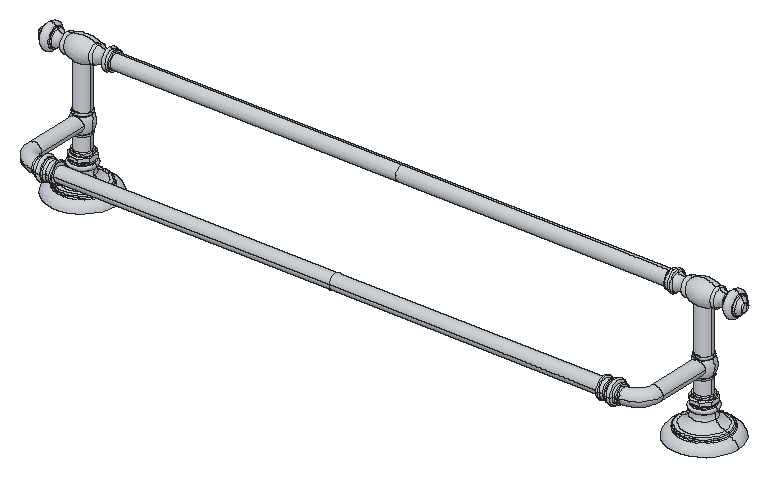
Revit family "Accessory-Towel_Bar-KOHLER-Artifacts-K-72570", category Specialty Equipment, host Face, Revit 2015 (continued)
Definition of nested family "K-72570"
  Lines and regions (in)
    symbolic lines, detail levels medium+fine
      curve 68: line (-11.81899, 0, 1.28025) -> (-11.81899, 0, 1.38739)
      curve 69: line (-11.57588, 0, 1.24658) -> (-12.42412, 0, 1.24658)
      curve 70: line (-12.39361, 0, 1.21607) -> (-11.60639, 0, 1.21607)
      curve 71: line (-12.44009, 0, 1.13463) -> (-11.55991, 0, 1.13463)
      curve 72: line (-12.47301, 0, 1.0213) -> (-11.52699, 0, 1.0213)
      curve 73: line (-12.93222, 0, 0.44609) -> (-11.06778, 0, 0.44609)
      curve 74: line (-12.99874, 0, 0.31772) -> (-11.00126, 0, 0.31772)
      curve 75: line (-11.25, 0, 2.77766) -> (-11.25, 0, 2.22297)
      curve 76: line (-11.10199, 0, 2.16052) -> (-11.10199, 0, 2.84011)
      curve 77: line (-10.9545, 0, 2.90246) -> (-10.9545, 0, 2.09817)
      curve 78: line (-10.87006, 0, 2.88981) -> (-10.87006, 0, 2.11082)
      curve 79: line (-10.60892, 0, 2.8502) -> (-10.60892, 0, 2.15043)
      curve 80: line (-10.51964, 0, 2.22464) -> (-10.51964, 0, 2.77599)
      curve 81: arc (0, -0.30054, 4.6232) -> (0, 0, 4.51802) -> (0, 0.30054, 4.6232) r 0.48198
      curve 82: circle (0, 0, 5) r 0.35128 normal (-1, 0, 0)
      curve 83: line (0, -3, 2.77766) -> (0, -2.65404, 2.77766)
      curve 84: line (0, -2.65404, 2.22297) -> (0, -3, 2.22297)
      curve 85: arc (0, -3, 2.22297) -> (0, -3.27734, 2.50031) -> (0, -3, 2.77766) r 0.27734
      curve 86: arc (0, -2.80368, 2.22297) -> (0, -3.3398, 2.50031) -> (0, -2.80368, 2.77766) r 0.3398
      curve 87: circle (0, 0, 5) r 0.25 normal (1, 0, 0)
      curve 88: arc (0, -0.34441, 2.78593) -> (0, -0.29749, 2.49898) -> (0, -0.34441, 2.21203) r 0.90094
      curve 89: spline (0, 0.43701, 1.28025) -> (0, 0.41596, 1.27392) -> (0, 0.39476, 1.26872) -> (0, 0.37343, 1.26468) -> (0, 0.35201, 1.26178) -> (0, 0.33053, 1.26004) -> (0, 0.30901, 1.25946) -> (0, 0.2875, 1.26004) -> (0, 0.26601, 1.26178) -> (0, 0.24459, 1.26468) -> (0, 0.22326, 1.26872) -> (0, 0.20206, 1.27392) -> (0, 0.18101, 1.28025)
      curve 90: line (0, 0.18101, 1.28025) -> (0, 0.18101, 1.38739)
      curve 91: spline (0, 0.18101, 1.38739) -> (0, 0.20214, 1.39274) -> (0, 0.22338, 1.39713) -> (0, 0.24471, 1.40055) -> (0, 0.26611, 1.40299) -> (0, 0.28755, 1.40446) -> (0, 0.30901, 1.40495) -> (0, 0.33047, 1.40446) -> (0, 0.35191, 1.40299) -> (0, 0.37331, 1.40055) -> (0, 0.39464, 1.39713) -> (0, 0.41588, 1.39274) -> (0, 0.43701, 1.38739)
      curve 92: arc (0, 0.18101, 1.28025) -> (0, 0.09108, 1.26488) -> (0, 0, 1.25946) r 0.83157
      curve 93: arc (0, 0, 1.25946) -> (0, -0.09108, 1.26488) -> (0, -0.18101, 1.28025) r 0.83157
      curve 94: line (0, -0.18101, 1.28025) -> (0, -0.18101, 1.38739)
      curve 95: arc (0, -0.18101, 1.38739) -> (0, -0.09092, 1.40038) -> (0, 0, 1.40495) r 0.97795
      curve 96: arc (0, 0, 1.40495) -> (0, 0.09092, 1.40038) -> (0, 0.18101, 1.38739) r 0.97795
      curve 97: spline (0, -0.18101, 1.28025) -> (0, -0.20206, 1.27392) -> (0, -0.22326, 1.26872) -> (0, -0.24459, 1.26468) -> (0, -0.26601, 1.26178) -> (0, -0.2875, 1.26004) -> (0, -0.30901, 1.25946) -> (0, -0.33053, 1.26004) -> (0, -0.35201, 1.26178) -> (0, -0.37343, 1.26468) -> (0, -0.39476, 1.26872) -> (0, -0.41596, 1.27392) -> (0, -0.43701, 1.28025)
      curve 98: spline (0, -0.43701, 1.38739) -> (0, -0.41588, 1.39274) -> (0, -0.39464, 1.39713) -> (0, -0.37331, 1.40055) -> (0, -0.35191, 1.40299) -> (0, -0.33047, 1.40446) -> (0, -0.30901, 1.40495) -> (0, -0.28755, 1.40446) -> (0, -0.26611, 1.40299) -> (0, -0.24471, 1.40055) -> (0, -0.22338, 1.39713) -> (0, -0.20214, 1.39274) -> (0, -0.18101, 1.38739)
      curve 99: line (0, 0.42412, 1.24658) -> (0, -0.42412, 1.24658)
      curve 100: line (0, 0.39361, 1.21607) -> (0, -0.39361, 1.21607)
      curve 101: line (0, 0.38841, 1.42865) -> (0, -0.38841, 1.42865)
      curve 102: line (0, 0.47301, 1.0213) -> (0, -0.47301, 1.0213)
      curve 103: line (0, 0.93222, 0.44609) -> (0, -0.93222, 0.44609)
      curve 104: line (0, 0.99874, 0.31772) -> (0, -0.99874, 0.31772)
      curve 105: line (0, 0.33942, 2.15867) -> (0, -0.33942, 2.15867)
      curve 106: line (0, 0.33781, 2.83029) -> (0, -0.33781, 2.83029)
      curve 107: line (0, 0.31907, 2.89107) -> (0, -0.31907, 2.89107)
      curve 108: line (0, 0.30061, 1.55443) -> (0, -0.30061, 1.55443)
      curve 109: line (0, 0.30061, 2.10854) -> (0, -0.30061, 2.10854)
      curve 110: line (-11.25, -2.72266, 2.50031) -> (-11.25, -3.27734, 2.50031)
      curve 111: line (-13.5739, 0.16219, 2.50031) -> (-13.5739, -0.16219, 2.50031)
      curve 112: line (-13.42691, 0.30836, 2.50031) -> (-13.42691, -0.30836, 2.50031)
      curve 113: line (-13.35055, 0.36367, 2.50031) -> (-13.35055, -0.36367, 2.50031)
      curve 114: arc (-13.22112, 0.48116, 2.50031) -> (-13.11147, 0.45442, 2.50031) -> (-13.05061, 0.35937, 2.50031) r 0.15175
      curve 115: arc (-13.05061, 0.35937, 2.50031) -> (-13.04279, 0.34489, 2.50031) -> (-13.02806, 0.33755, 2.50031) r 0.02726
      curve 116: line (-13.02806, 0.33755, 2.50031) -> (-12.9926, 0.33755, 2.50031)
      curve 117: arc (-12.9926, 0.33755, 2.50031) -> (-12.97759, 0.33341, 2.50031) -> (-12.96683, 0.32217, 2.50031) r 0.02929
      curve 118: arc (-12.96683, 0.32217, 2.50031) -> (-12.79343, 0.2186, 2.50031) -> (-12.61982, 0.32182, 2.50031) r 0.19728
      curve 119: arc (-12.61982, 0.32182, 2.50031) -> (-12.55616, 0.35817, 2.50031) -> (-12.49528, 0.31734, 2.50031) r 0.06957
      curve 120: arc (-12.49528, 0.31734, 2.50031) -> (-11.99992, 0.46189, 2.50031) -> (-11.50456, 0.31734, 2.50031) r 0.92106
      curve 121: arc (-11.39546, 0.33577, 2.50031) -> (-11.45494, 0.35572, 2.50031) -> (-11.50456, 0.31734, 2.50031) r 0.06653
      curve 122: arc (-11.39546, 0.33577, 2.50031) -> (-11.19865, 0.24757, 2.50031) -> (-10.99722, 0.32464, 2.50031) r 0.28134
      curve 123: arc (-10.93457, 0.39738, 2.50031) -> (-10.89726, 0.38659, 2.50031) -> (-10.88108, 0.35128, 2.50031) r 0.0466
      curve 124: arc (-10.99722, 0.32464, 2.50031) -> (-10.9794, 0.37265, 2.50031) -> (-10.93457, 0.39738, 2.50031) r 0.07351
      curve 125: line (-10.88108, 0.35128, 2.50031) -> (-10.77523, 0.35128, 2.50031)
      curve 126: line (-10.71678, 0.2757, 2.50031) -> (-10.76107, 0.2757, 2.50031)
      curve 127: line (-10.76107, -0.33712, 2.50031) -> (-10.76107, 0.33712, 2.50031)
      curve 128: arc (-10.77523, 0.35128, 2.50031) -> (-10.76522, 0.34714, 2.50031) -> (-10.76107, 0.33712, 2.50031) r 0.01417
      curve 129: arc (-13.22112, -0.48116, 2.50031) -> (-13.11147, -0.45442, 2.50031) -> (-13.05061, -0.35937, 2.50031) r 0.15175
      curve 130: arc (-13.05061, -0.35937, 2.50031) -> (-13.04279, -0.34489, 2.50031) -> (-13.02806, -0.33755, 2.50031) r 0.02726
      curve 131: line (-13.02806, -0.33755, 2.50031) -> (-12.9926, -0.33755, 2.50031)
      curve 132: arc (-12.9926, -0.33755, 2.50031) -> (-12.97759, -0.33341, 2.50031) -> (-12.96683, -0.32217, 2.50031) r 0.02929
      curve 133: arc (-12.96683, -0.32217, 2.50031) -> (-12.79343, -0.2186, 2.50031) -> (-12.61982, -0.32182, 2.50031) r 0.19728
      curve 134: arc (-12.61982, -0.32182, 2.50031) -> (-12.55616, -0.35817, 2.50031) -> (-12.49528, -0.31734, 2.50031) r 0.06957
      curve 135: arc (-12.49528, -0.31734, 2.50031) -> (-11.99992, -0.46189, 2.50031) -> (-11.50456, -0.31734, 2.50031) r 0.92106
      curve 136: arc (-11.39546, -0.33577, 2.50031) -> (-11.45494, -0.35572, 2.50031) -> (-11.50456, -0.31734, 2.50031) r 0.06653
      curve 137: arc (-11.39546, -0.33577, 2.50031) -> (-11.19865, -0.24757, 2.50031) -> (-10.99722, -0.32464, 2.50031) r 0.28134
      curve 138: arc (-10.93457, -0.39738, 2.50031) -> (-10.89726, -0.38659, 2.50031) -> (-10.88108, -0.35128, 2.50031) r 0.0466
      curve 139: arc (-10.99722, -0.32464, 2.50031) -> (-10.9794, -0.37265, 2.50031) -> (-10.93457, -0.39738, 2.50031) r 0.07351
      curve 140: line (-10.88108, -0.35128, 2.50031) -> (-10.77523, -0.35128, 2.50031)
      curve 141: line (-10.71678, -0.2757, 2.50031) -> (-10.76107, -0.2757, 2.50031)
      curve 142: arc (-10.77523, -0.35128, 2.50031) -> (-10.76522, -0.34714, 2.50031) -> (-10.76107, -0.33712, 2.50031) r 0.01417
      curve 143: line (-13.05061, 0.35937, 2.50031) -> (-13.05061, -0.35937, 2.50031)
      curve 144: line (-12.96683, -0.32217, 2.50031) -> (-12.96683, 0.32217, 2.50031)
      curve 145: line (-12.61982, 0.32182, 2.50031) -> (-12.61982, -0.32182, 2.50031)
      curve 146: line (-12.49528, 0.31734, 2.50031) -> (-12.49528, -0.31734, 2.50031)
      curve 147: line (-11.50456, 0.31734, 2.50031) -> (-11.50456, -0.31734, 2.50031)
      curve 148: line (-11.39546, 0.33577, 2.50031) -> (-11.39546, -0.33577, 2.50031)
      curve 149: line (-10.99722, 0.32464, 2.50031) -> (-10.99722, -0.32464, 2.50031)
      curve 150: line (-10.88108, 0.35128, 2.50031) -> (-10.88108, -0.35128, 2.50031)
      curve 151: arc (-12.29801, 0.41232, 2.50031) -> (-11.99992, 0.50896, 2.50031) -> (-11.70184, 0.41232, 2.50031) r 0.50802
      curve 152: line (-12.27734, -1.28286, 2.50031) -> (-12.27734, -0.41911, 2.50031)
      curve 153: line (-11.72266, -1.28286, 2.50031) -> (-11.72266, -0.41916, 2.50031)
      curve 154: line (-11.10199, -2.6602, 2.50031) -> (-11.10199, -3.3398, 2.50031)
      curve 155: line (-10.9545, -2.59785, 2.50031) -> (-10.9545, -3.40215, 2.50031)
      curve 156: line (-10.87006, -2.6105, 2.50031) -> (-10.87006, -3.3895, 2.50031)
      curve 157: line (-10.60892, -2.65012, 2.50031) -> (-10.60892, -3.34988, 2.50031)
      curve 158: line (-10.51964, -2.72432, 2.50031) -> (-10.51964, -3.27568, 2.50031)
      curve 159: line (11.25, -2.72266, 2.50031) -> (11.25, -3.27734, 2.50031)
      curve 160: line (11.10199, -2.6602, 2.50031) -> (11.10199, -3.3398, 2.50031)
      curve 161: line (10.9545, -2.59785, 2.50031) -> (10.9545, -3.40215, 2.50031)
      curve 162: line (10.87006, -2.6105, 2.50031) -> (10.87006, -3.3895, 2.50031)
      curve 163: line (10.60892, -2.65012, 2.50031) -> (10.60892, -3.34988, 2.50031)
      curve 164: line (10.51964, -2.72432, 2.50031) -> (10.51964, -3.27568, 2.50031)
      curve 165: line (13.5739, 0.16219, 2.50031) -> (13.5739, -0.16219, 2.50031)
      curve 166: line (13.42691, 0.30836, 2.50031) -> (13.42691, -0.30836, 2.50031)
      curve 167: line (13.35055, 0.36367, 2.50031) -> (13.35055, -0.36367, 2.50031)
      curve 168: arc (13.22112, 0.48116, 2.50031) -> (13.11147, 0.45442, 2.50031) -> (13.05061, 0.35937, 2.50031) r 0.15175
      curve 169: arc (13.05061, 0.35937, 2.50031) -> (13.04279, 0.34489, 2.50031) -> (13.02806, 0.33755, 2.50031) r 0.02726
      curve 170: line (13.02806, 0.33755, 2.50031) -> (12.9926, 0.33755, 2.50031)
      curve 171: arc (12.9926, 0.33755, 2.50031) -> (12.97759, 0.33341, 2.50031) -> (12.96683, 0.32217, 2.50031) r 0.02929
      curve 172: line (13.05061, 0.35937, 2.50031) -> (13.05061, -0.35937, 2.50031)
      curve 173: line (12.96683, -0.32217, 2.50031) -> (12.96683, 0.32217, 2.50031)
      curve 174: arc (12.96683, 0.32217, 2.50031) -> (12.79343, 0.2186, 2.50031) -> (12.61982, 0.32182, 2.50031) r 0.19728
      curve 175: arc (11.39546, 0.33577, 2.50031) -> (11.45494, 0.35572, 2.50031) -> (11.50456, 0.31734, 2.50031) r 0.06653
      curve 176: arc (11.39546, 0.33577, 2.50031) -> (11.19865, 0.24757, 2.50031) -> (10.99722, 0.32464, 2.50031) r 0.28134
      curve 177: arc (10.93457, 0.39738, 2.50031) -> (10.89726, 0.38659, 2.50031) -> (10.88108, 0.35128, 2.50031) r 0.0466
      curve 178: arc (10.99722, 0.32464, 2.50031) -> (10.9794, 0.37265, 2.50031) -> (10.93457, 0.39738, 2.50031) r 0.07351
      curve 179: line (11.39546, 0.33577, 2.50031) -> (11.39546, -0.34026, 2.50031)
      curve 180: line (10.99722, 0.32464, 2.50031) -> (10.99722, -0.32464, 2.50031)
      curve 181: line (10.88108, 0.35128, 2.50031) -> (10.88108, -0.35128, 2.50031)
      curve 182: line (11.50456, -0.31734, 2.50031) -> (11.50456, 0.31734, 2.50031)
      curve 183: arc (12.49528, 0.31734, 2.50031) -> (11.99992, 0.45999, 2.50031) -> (11.50456, 0.31734, 2.50031) r 0.93137
      curve 184: arc (12.61982, 0.32182, 2.50031) -> (12.55616, 0.35817, 2.50031) -> (12.49528, 0.31734, 2.50031) r 0.06957
      curve 185: line (12.49528, 0.31734, 2.50031) -> (12.49528, -0.31734, 2.50031)
      curve 186: line (12.61982, 0.32182, 2.50031) -> (12.61982, -0.32182, 2.50031)
      curve 187: arc (11.69985, 0.41033, 2.50031) -> (11.99992, 0.50807, 2.50031) -> (12.29999, 0.41033, 2.50031) r 0.50951
      curve 188: line (10.74943, 0.32792, 2.50031) -> (10.74943, -0.32104, 2.50031)
      curve 189: line (10.88108, 0.35128, 2.50031) -> (10.77279, 0.35128, 2.50031)
      curve 190: line (10.71678, 0.2757, 2.50031) -> (10.74943, 0.2757, 2.50031)
      curve 191: arc (10.74943, 0.32792, 2.50031) -> (10.75627, 0.34444, 2.50031) -> (10.77279, 0.35128, 2.50031) r 0.02336
      curve 192: line (11.72266, -1.28286, 2.50031) -> (11.72266, -0.41777, 2.50031)
      curve 193: line (12.27734, -1.28286, 2.50031) -> (12.27734, -0.41772, 2.50031)
      curve 194: arc (-11.07487, 0.27245, 2.50031) -> (-12.00135, 0.96475, 2.50031) -> (-12.92589, 0.26987, 2.50031) r 0.96428
      curve 195: arc (-11.07396, -0.27287, 2.50031) -> (-11.31597, -0.68031, 2.50031) -> (-11.72266, -0.92359, 2.50031) r 0.96586
      curve 196: arc (-12.27734, -0.92368, 2.50031) -> (-12.68516, -0.68007, 2.50031) -> (-12.92797, -0.27179, 2.50031) r 0.96802
      curve 197: line (10.71678, -0.2757, 2.50031) -> (10.74943, -0.2757, 2.50031)
      curve 198: arc (10.74943, -0.32104, 2.50031) -> (10.75829, -0.34242, 2.50031) -> (10.77967, -0.35128, 2.50031) r 0.03025
      curve 199: arc (10.88108, -0.35128, 2.50031) -> (10.88814, -0.37455, 2.50031) -> (10.90694, -0.38998, 2.50031) r 0.04187
      curve 200: arc (10.90694, -0.38998, 2.50031) -> (10.97033, -0.38252, 2.50031) -> (10.99722, -0.32464, 2.50031) r 0.06544
      curve 201: line (10.77967, -0.35128, 2.50031) -> (10.88108, -0.35128, 2.50031)
      curve 202: arc (11.50456, -0.31734, 2.50031) -> (11.45568, -0.35577, 2.50031) -> (11.39546, -0.34026, 2.50031) r 0.07015
      curve 203: arc (10.99722, -0.32464, 2.50031) -> (11.19962, -0.24886, 2.50031) -> (11.39546, -0.34026, 2.50031) r 0.27918
      curve 204: arc (12.96683, -0.32217, 2.50031) -> (12.79343, -0.2186, 2.50031) -> (12.61982, -0.32182, 2.50031) r 0.19728
      curve 205: arc (12.49528, -0.31734, 2.50031) -> (11.99992, -0.45999, 2.50031) -> (11.50456, -0.31734, 2.50031) r 0.93137
      curve 206: arc (12.61982, -0.32182, 2.50031) -> (12.55616, -0.35817, 2.50031) -> (12.49528, -0.31734, 2.50031) r 0.06957
      curve 207: arc (13.22112, -0.48116, 2.50031) -> (13.11147, -0.45442, 2.50031) -> (13.05061, -0.35937, 2.50031) r 0.15175
      curve 208: arc (13.05061, -0.35937, 2.50031) -> (13.04279, -0.34489, 2.50031) -> (13.02806, -0.33755, 2.50031) r 0.02726
      curve 209: line (13.02806, -0.33755, 2.50031) -> (12.9926, -0.33755, 2.50031)
      curve 210: arc (12.9926, -0.33755, 2.50031) -> (12.97759, -0.33341, 2.50031) -> (12.96683, -0.32217, 2.50031) r 0.02929
      curve 211: arc (11.07487, 0.27245, 2.50031) -> (12.00135, 0.96475, 2.50031) -> (12.92589, 0.26987, 2.50031) r 0.96428
      curve 212: arc (11.07543, -0.27265, 2.50031) -> (11.31612, -0.68049, 2.50031) -> (11.72266, -0.92338, 2.50031) r 0.95879
      curve 213: arc (12.92457, -0.27265, 2.50031) -> (12.68388, -0.68049, 2.50031) -> (12.27734, -0.92338, 2.50031) r 0.95879
  Dimensions and locks (in)
    plane 7 to plane 6 = 2 5/8"
    plane 5 "X" to plane 2 = 5"
    equal spacing: plane 9, plane 3 "Center (Left/Right)", plane 10
    "Towel Length": plane 9 to plane 10
    locked: plane 9 to plane 11 at 1.59801
    locked: plane 12 to plane 10 at 1.59801
    locked: plane 13 to plane 9 at 1.26961
    locked: plane 10 to plane 14 at 1.26961
    locked: plane 9 to plane 15 at 0.75
    locked: plane 16 to plane 10 at 0.75
    locked: plane 9 to plane 17 at 0.75
    locked: plane 18 to plane 10 at 0.75
    aligned and locked: plane 2 to level
    aligned and locked: plane 11 to Revolve 3 sketch curve
    aligned and locked: plane 12 to Revolve 3 sketch curve
    aligned and locked: plane 13 to Revolve 3 sketch curve
    aligned and locked: plane 14 to Revolve 3 sketch curve
    aligned and locked: plane 9 to Revolve 1 sketch curve
    aligned and locked: Revolve 4 sketch curve to plane 10
    aligned and locked: plane 15 to Revolve 6 sketch curve
    aligned and locked: plane 16 to Revolve 6 sketch curve
    aligned and locked: plane 9 to Sweep 7 sketch curve
    aligned and locked: plane 17 to Sweep 7 sketch curve
    aligned and locked: Sweep 8 sketch curve to plane 10
    aligned and locked: plane 18 to Sweep 8 sketch curve
  Automatic sketch dimensions
    curve 81 to curve 82 = 0"  (x2)
    curve 81 to curve 87 = 0"  (x2)
    curve 82 to curve 87 = 0"  (x2)
    curve 85 to curve 86 = 0"  (x2)
    curve 85 to plane 4 "C" = 0"
    curve 95 to plane 1 "Center (Front/Back)" = 0"
    curve 93 to plane 1 "Center (Front/Back)" = 0"
    curve 82 to plane 1 "Center (Front/Back)" = 0"
    curve 85 to plane 8 "D" = 0"
    curve 82 to plane 5 "X" = 0"
    curve 88 to plane 8 "D" = 0.00134"
    plane 6 to curve 88 = 0.11406"
    plane 1 "Center (Front/Back)" to curve 94 = 0.18101"
    plane 1 "Center (Front/Back)" to curve 92 = 0.0038"
    plane 1 "Center (Front/Back)" to curve 96 = 0.00352"
    curve 95 to plane 1 "Center (Front/Back)" = 0.00352"
    curve 93 to plane 1 "Center (Front/Back)" = 0.0038"
    curve 90 to plane 1 "Center (Front/Back)" = 0.18101"
    curve 84 to plane 8 "D" = 71/256"
    curve 92 to plane 8 "D" = 0.40929"
    curve 92 to curve 93 = 0"
    curve 94 to curve 92 = 0.70364"
    curve 98 to curve 90 = 0"
    curve 94 to curve 94 = 0.10714"
    level to curve 95 = 0.427"
    curve 85 to curve 86 = 0.19632"
    curve 86 to curve 83 = 0.14964"
    curve 86 to curve 84 = 0.14964"
    plane 6 to curve 104 = 0.31376"
    curve 104 to curve 103 = 0.06652"
    curve 102 to curve 97 = 0.29199"
    curve 98 to curve 95 = 0.25599"
    curve 97 to curve 98 = 0"
    curve 97 to curve 99 = 0.01289"
    curve 99 to curve 100 = 0.03051"
    curve 98 to curve 101 = 0.0486"
    plane 1 "Center (Front/Back)" to curve 88 = 0.34441"  (x2)
    plane 8 "D" to curve 88 = 0.28562"
    curve 88 to curve 105 = 0.00499"
    curve 88 to curve 106 = 0.0066"
    curve 106 to curve 107 = 0.01874"
    curve 98 to curve 96 = 0.30549"
    curve 100 to curve 97 = 0.0846"
    curve 98 to curve 108 = 0.0084"
    curve 97 to curve 109 = 0.0084"
    plane 1 "Center (Front/Back)" to curve 81 = 0.30054"
    curve 81 to plane 1 "Center (Front/Back)" = 0.30054"
    curve 96 to curve 108 = 0.1196"
    curve 93 to curve 109 = 0.29681"
    curve 95 to curve 91 = 0.30549"
    curve 109 to curve 89 = 0.0084"
    curve 107 to plane 1 "Center (Front/Back)" = 0.31907"
    curve 107 to curve 106 = 0.01874"
    curve 109 to curve 105 = 0.03881"
    curve 91 to curve 101 = 0.0794"
    curve 89 to curve 100 = 0.0846"
    curve 100 to curve 99 = 0.03051"  (x2)
    curve 101 to curve 91 = 0.0486"
    curve 99 to curve 89 = 0.01289"
    curve 100 to curve 102 = 0.07939"
    plane 7 to curve 103 = 0.38028"
    curve 103 to curve 104 = 0.06652"
    curve 105 to plane 8 "D" = 0.34164"
    curve 109 to curve 105 = 0.05013"
    curve 97 to curve 109 = 0.05058"
    curve 89 to curve 109 = 0.05058"
    curve 96 to curve 108 = 0.16704"
    curve 98 to curve 101 = 0.04127"
    curve 91 to curve 101 = 0.0237"
    curve 98 to curve 101 = 0.0237"
    curve 89 to curve 89 = 0.02079"
    curve 97 to curve 97 = 0.02079"
    curve 99 to curve 89 = 0.03367"
    curve 102 to curve 100 = 0.19477"
    curve 96 to curve 98 = 0.03625"
    curve 95 to curve 91 = 0.03625"
    level to curve 103 = 0.44609"
    curve 104 to curve 103 = 0.12837"
    plane 8 "D" to curve 106 = 0.32997"
    curve 106 to curve 107 = 0.06078"
    curve 81 to plane 5 "X" = 0.3768"
    curve 65 to plane 9 = 0"
    curve 62 to plane 9 = 0"
    plane 10 to curve 22 = 0"
    plane 10 to curve 25 = 0"
    curve 67 to plane 9 = 0.18101"
    curve 54 to plane 8 "D" = 0.00349"
    curve 54 to plane 9 = 0.26237"
    plane 9 to curve 68 = 0.18101"
    plane 10 to curve 28 = 0.18101"
    curve 27 to plane 10 = 0.18101"
    curve 14 to plane 8 "D" = 0.00349"
    curve 14 to plane 10 = 0.26237"
    curve 22 to plane 8 "D" = 0.44235"
    curve 62 to plane 8 "D" = 0.44235"
    curve 27 to curve 22 = 0.67058"
    curve 68 to curve 62 = 0.67058"
    curve 28 to curve 25 = 0.10714"
    curve 67 to curve 65 = 0.10714"
    level to curve 65 = 0.46325"
    level to curve 25 = 0.46325"
    curve 53 to plane 9 = 0.30054"
    curve 59 to curve 64 = 0.1196"
    curve 57 to plane 9 = 0.30061"
    curve 63 to curve 63 = 0.128"
    curve 64 to plane 9 = 0.30901"
    curve 55 to plane 9 = 0.31907"
    curve 56 to curve 55 = 0.01874"
    curve 58 to curve 57 = 0.03881"
    curve 60 to curve 64 = 0.0794"
    curve 70 to curve 63 = 0.0846"
    curve 69 to curve 70 = 0.03051"
    curve 64 to curve 60 = 0.0486"
    curve 63 to curve 69 = 0.01289"
    curve 71 to curve 70 = 0.04647"
    curve 72 to curve 71 = 0.03292"
    curve 47 to plane 9 = 0.49528"
    curve 46 to curve 47 = 0.12491"
    curve 73 to curve 64 = 0.62321"
    curve 45 to curve 46 = 0.3463"
    curve 74 to curve 73 = 0.06652"
    curve 44 to curve 45 = 0.08439"
    curve 43 to curve 44 = 0.29966"
    curve 42 to curve 43 = 0.07636"
    curve 41 to curve 42 = 0.147"
    plane 9 to curve 53 = 0.30054"
    curve 66 to curve 59 = 0.1196"
    plane 9 to curve 57 = 0.30061"
    curve 66 to curve 66 = 0.128"
    curve 57 to curve 61 = 0.0084"
    plane 9 to curve 55 = 0.31907"
    curve 55 to curve 56 = 0.01874"
    curve 57 to curve 58 = 0.03881"
    curve 56 to curve 54 = 0.00533"
    curve 58 to curve 54 = 0.00919"
    curve 66 to curve 60 = 0.0794"
    curve 61 to curve 70 = 0.0846"
    curve 70 to curve 69 = 0.03051"  (x2)
    curve 69 to curve 61 = 0.01289"
    curve 60 to curve 66 = 0.0486"
    curve 70 to curve 71 = 0.04647"
    curve 71 to curve 72 = 0.03292"
    curve 53 to curve 51 = 0.1949"
    curve 51 to curve 52 = 0.11456"
    curve 54 to curve 75 = 0.40139"
    curve 75 to curve 76 = 0.14801"
    curve 66 to curve 73 = 0.62321"
    curve 73 to curve 74 = 0.06652"
    curve 52 to curve 50 = 0.39279"
    curve 76 to curve 77 = 0.14749"
    curve 50 to curve 49 = 0.11614"
    curve 77 to curve 78 = 0.08444"
    curve 49 to curve 48 = 0.15069"
    curve 78 to curve 79 = 0.26114"
    curve 79 to curve 80 = 0.08928"
    curve 40 to plane 8 "D" = 0.27568"
    plane 10 to curve 40 = 1.48036"
    curve 40 to curve 39 = 0.08928"
    curve 8 to plane 5 "X" = 0.2757"
    plane 10 to curve 8 = 1.26961"
    curve 39 to curve 38 = 0.26114"
    curve 8 to curve 9 = 0.15069"
    curve 38 to curve 37 = 0.08444"
    curve 9 to curve 10 = 0.11614"
    level to curve 34 = 0.31772"
    plane 10 to curve 34 = 0.99874"
    curve 34 to curve 33 = 0.06652"
    curve 37 to curve 36 = 0.14749"
    curve 36 to curve 35 = 0.14801"
    curve 10 to curve 12 = 0.39279"
    curve 12 to curve 11 = 0.11456"
    curve 32 to curve 22 = 0.29199"
    curve 32 to curve 31 = 0.03292"
    curve 31 to curve 21 = 0.00308"
    curve 26 to curve 21 = 0"
    curve 21 to curve 29 = 0.01289"
    curve 29 to curve 30 = 0.03051"
    curve 26 to curve 20 = 0.0486"
    plane 10 to curve 14 = 0.34861"
    plane 10 to curve 14 = 0.34314"
    curve 14 to curve 18 = 0.00919"
    curve 14 to curve 16 = 0.00533"
    curve 16 to curve 15 = 0.01874"
    curve 20 to curve 26 = 0.0794"
    curve 18 to curve 21 = 0.03041"
    curve 26 to curve 19 = 0.0084"
    curve 21 to curve 17 = 0.0084"
    curve 11 to curve 13 = 0.1949"
    curve 13 to plane 10 = 0.30054"
    curve 17 to plane 10 = 0.30061"
    curve 24 to curve 19 = 0.1196"
    curve 24 to plane 10 = 0.30901"
    curve 27 to curve 23 = 0.128"
    curve 15 to plane 10 = 0.31907"
    curve 15 to curve 16 = 0.01874"
    curve 17 to curve 18 = 0.03881"
    curve 24 to curve 20 = 0.0794"
    curve 23 to curve 30 = 0.0846"
    curve 30 to curve 29 = 0.03051"  (x2)
    curve 29 to curve 23 = 0.01289"
    curve 20 to curve 24 = 0.0486"
    curve 30 to curve 31 = 0.04647"
    curve 31 to curve 32 = 0.03292"
    curve 13 to curve 7 = 0.19474"
    curve 7 to curve 6 = 0.12491"
    curve 24 to curve 33 = 0.62321"
    curve 6 to curve 5 = 0.3463"
    curve 33 to curve 34 = 0.06652"
    curve 5 to curve 4 = 0.08439"
    curve 4 to curve 3 = 0.29966"
    curve 3 to curve 2 = 0.07636"
    curve 2 to curve 1 = 0.147"
    curve 80 to plane 8 "D" = 0.27568"
    curve 75 to plane 8 "D" = 71/256"
    curve 35 to plane 8 "D" = 71/256"
    curve 14 to plane 8 "D" = 0.2821"
    curve 54 to plane 8 "D" = 0.2821"
    curve 76 to curve 75 = 0.06245"
    curve 36 to curve 35 = 0.06245"
    curve 18 to curve 14 = 0.05955"
    curve 58 to curve 54 = 0.05955"
    curve 39 to curve 40 = 19/256"
    curve 79 to curve 80 = 19/256"
    curve 38 to curve 36 = 0.0497"
    curve 78 to curve 76 = 0.0497"
    curve 17 to curve 18 = 0.05013"
    curve 57 to curve 58 = 0.05013"
    curve 37 to curve 38 = 0.01265"
    curve 77 to curve 78 = 0.01265"
    curve 61 to curve 57 = 0.05058"
    curve 21 to curve 17 = 0.05058"
    curve 23 to curve 17 = 0.05058"
    curve 63 to curve 57 = 0.05058"
    curve 26 to curve 19 = 0.16704"
    curve 66 to curve 59 = 0.16704"
    curve 66 to curve 60 = 0.04127"
    curve 24 to curve 20 = 0.04127"
    curve 26 to curve 20 = 0.0237"
    curve 24 to curve 20 = 0.0237"
    curve 66 to curve 60 = 0.0237"
    curve 64 to curve 60 = 0.0237"
    curve 63 to curve 63 = 0.02079"
    curve 21 to curve 22 = 0.02079"
    curve 61 to curve 68 = 0.02079"
    curve 23 to curve 27 = 0.02079"
    curve 29 to curve 21 = 0.03367"
    curve 69 to curve 61 = 0.03367"
    curve 71 to curve 70 = 0.08144"
    curve 31 to curve 30 = 0.08144"
    curve 72 to curve 71 = 0.11333"
    curve 32 to curve 31 = 0.11333"
    curve 24 to curve 25 = 0"
    curve 66 to curve 65 = 0"
    curve 26 to curve 25 = 0"
    curve 64 to curve 65 = 0"
    level to curve 73 = 0.44609"
    curve 34 to curve 33 = 0.12837"
    curve 74 to curve 73 = 0.12837"
    plane 8 "D" to curve 40 = 0.27568"
    plane 8 "D" to curve 80 = 0.27568"
    plane 8 "D" to curve 75 = 71/256"
    plane 8 "D" to curve 35 = 71/256"
    plane 8 "D" to curve 56 = 0.32997"
    plane 8 "D" to curve 16 = 0.32997"
    curve 75 to curve 76 = 0.06245"
    curve 35 to curve 36 = 0.06245"
    curve 80 to curve 79 = 19/256"
    curve 40 to curve 39 = 19/256"
    curve 76 to curve 78 = 0.0497"
    curve 36 to curve 38 = 0.0497"
    curve 16 to curve 15 = 0.06078"
    curve 56 to curve 55 = 0.06078"
    curve 78 to curve 77 = 0.01265"
    curve 38 to curve 37 = 0.01265"
    curve 53 to plane 5 "X" = 0.41102"
    curve 13 to plane 5 "X" = 0.41102"
    curve 53 to plane 5 "X" = 0.41079"
    curve 13 to plane 5 "X" = 0.41079"
    curve 3 to plane 5 "X" = 0.36367"
    curve 43 to plane 5 "X" = 0.36367"
    curve 43 to curve 44 = 0.00435"
    curve 3 to curve 4 = 0.00435"
    curve 49 to plane 5 "X" = 0.35128"
    curve 9 to curve 8 = 0.07558"
    curve 13 to curve 12 = 0.07575"
    curve 53 to curve 52 = 0.07575"
    curve 49 to curve 50 = 0.02664"
    curve 9 to curve 10 = 0.02664"
    curve 44 to curve 45 = 0.03743"
    curve 4 to curve 5 = 0.03743"
    curve 6 to plane 5 "X" = 0.32135"
    curve 46 to plane 5 "X" = 0.32135"
    curve 52 to curve 51 = 0.01761"
    curve 12 to curve 11 = 0.01761"
    curve 46 to curve 47 = 0.00402"
    curve 6 to curve 7 = 0.00402"
    curve 3 to curve 2 = 0.05532"
    curve 43 to curve 42 = 0.05532"
    curve 49 to curve 48 = 0.07558"
    curve 1 to plane 5 "X" = 0.16219"
    curve 41 to plane 5 "X" = 0.16219"
    plane 5 "X" to curve 41 = 0.16219"
    plane 5 "X" to curve 1 = 0.16219"
    plane 5 "X" to curve 8 = 0.2757"
    plane 5 "X" to curve 48 = 0.2757"
    curve 41 to curve 42 = 0.14617"
    curve 1 to curve 2 = 0.14617"
    plane 5 "X" to curve 47 = 0.31734"
    plane 5 "X" to curve 7 = 0.31734"
    plane 5 "X" to curve 51 = 0.31766"
    plane 5 "X" to curve 11 = 0.31766"
    curve 7 to curve 6 = 0.00402"
    curve 47 to curve 46 = 0.00402"
    plane 5 "X" to curve 45 = 0.32189"
    plane 5 "X" to curve 5 = 0.32189"
    curve 48 to curve 50 = 0.04894"
    curve 8 to curve 10 = 0.04894"
    curve 11 to curve 12 = 0.01761"
    curve 51 to curve 52 = 0.01761"
    curve 50 to curve 49 = 0.02664"
    curve 10 to curve 9 = 0.02664"
    curve 5 to curve 4 = 0.03743"
    curve 45 to curve 44 = 0.03743"
    curve 2 to curve 3 = 0.05532"
    curve 42 to curve 43 = 0.05532"
    Revolve 1 sketch curve to level = 0"  (x2)
    Revolve 1 sketch curve to plane 5 "X" = 0"
    Revolve 1 sketch curve to plane 9 = 0"
    Revolve 1 sketch curve to plane 9 = 0.30054"
    Revolve 1 sketch curve to plane 9 = 0.30061"
    Revolve 1 sketch curve to Revolve 1 sketch curve = 0.00611"
    Revolve 1 sketch curve to Revolve 1 sketch curve = 0.01313"
    Revolve 1 sketch curve to Revolve 1 sketch curve = 0.02714"
    Revolve 1 sketch curve to Revolve 1 sketch curve = 0.04012"
    Revolve 1 sketch curve to Revolve 1 sketch curve = 0.05518"
    Revolve 1 sketch curve to Revolve 1 sketch curve = 0.05362"
    Revolve 1 sketch curve to Revolve 1 sketch curve = 0.03012"
    Revolve 1 sketch curve to Revolve 1 sketch curve = 0.01755"
    Revolve 1 sketch curve to Revolve 1 sketch curve = 0.00521"
    Revolve 1 sketch curve to Revolve 1 sketch curve = 0.0137"
    Revolve 1 sketch curve to Revolve 1 sketch curve = 0.02108"
    Revolve 1 sketch curve to Revolve 1 sketch curve = 0.01165"
    Revolve 1 sketch curve to Revolve 1 sketch curve = 0.04071"
    Revolve 1 sketch curve to Revolve 1 sketch curve = 0.01419"
    Revolve 1 sketch curve to Revolve 1 sketch curve = 0.04159"
    Revolve 1 sketch curve to Revolve 1 sketch curve = 0.15892"
    Revolve 1 sketch curve to Revolve 1 sketch curve = 0.27533"
    Revolve 1 sketch curve to Revolve 1 sketch curve = 0.12278"
    Revolve 1 sketch curve to Revolve 1 sketch curve = 0.1617"
    Revolve 1 sketch curve to level = 0.03609"
    Revolve 1 sketch curve to Revolve 1 sketch curve = 0.03106"
    Revolve 1 sketch curve to Revolve 1 sketch curve = 0.03742"
    Revolve 1 sketch curve to Revolve 1 sketch curve = 0.03856"
    Revolve 1 sketch curve to Revolve 1 sketch curve = 0.35429"
    Revolve 1 sketch curve to Revolve 1 sketch curve = 1.02863"
    Revolve 1 sketch curve to plane 8 "D" = 0.00349"
    plane 9 to Revolve 1 sketch curve = 0.26237"
    level to Revolve 1 sketch curve = 0.35603"
    Revolve 1 sketch curve to Revolve 1 sketch curve = 0.05299"
    Revolve 1 sketch curve to Revolve 1 sketch curve = 0.46939"
    Revolve 1 sketch curve to Revolve 1 sketch curve = 0.04869"
    Revolve 1 sketch curve to Revolve 1 sketch curve = 0.10494"
    Revolve 1 sketch curve to Revolve 1 sketch curve = 0.09229"
    Revolve 1 sketch curve to Revolve 1 sketch curve = 0.0993"
    Revolve 1 sketch curve to Revolve 1 sketch curve = 0.00004"
    Revolve 1 sketch curve to Revolve 1 sketch curve = 0.04106"
    Revolve 1 sketch curve to Revolve 1 sketch curve = 0.09175"
    Revolve 1 sketch curve to Revolve 1 sketch curve = 0.18208"
    Revolve 1 sketch curve to Revolve 1 sketch curve = 0.06756"
    Revolve 1 sketch curve to plane 8 "D" = 0.39178"
    Revolve 1 sketch curve to Revolve 1 sketch curve = 0.02993"
    Revolve 1 sketch curve to Revolve 1 sketch curve = 0.04219"
    plane 8 "D" to Revolve 1 sketch curve = 0.31172"
    Revolve 1 sketch curve to Revolve 1 sketch curve = 0.04193"
    Revolve 1 sketch curve to Revolve 1 sketch curve = 0.06285"
    plane 8 "D" to Revolve 1 sketch curve = 1.04415"
    Revolve 1 sketch curve to Revolve 1 sketch curve = 0"  (x7)
    Revolve 1 sketch curve to Revolve 1 sketch curve = 0.02693"
    Revolve 1 sketch curve to Revolve 1 sketch curve = 0.0218"
    Revolve 1 sketch curve to Revolve 1 sketch curve = 1/4"
    plane 1 "Center (Front/Back)" to Extrusion 2 sketch curve = 0"
    Extrusion 2 sketch curve to plane 9 = 0"
    Extrusion 2 sketch curve to plane 9 = 0.18101"  (x2)
    plane 1 "Center (Front/Back)" to Extrusion 2 sketch curve = 0.18101"  (x2)
    Extrusion 2 sketch curve to Extrusion 2 sketch curve = 0.25599"  (x3)
    plane 9 to Extrusion 2 sketch curve = 0.18101"  (x2)
    Extrusion 2 sketch curve to plane 1 "Center (Front/Back)" = 0.18101"  (x2)
    plane 1 "Center (Front/Back)" to Extrusion 2 sketch curve = 0.43701"
    Revolve 4 sketch curve to level = 0"  (x2)
    Revolve 4 sketch curve to plane 5 "X" = 0"
    plane 10 to Revolve 4 sketch curve = 0"
    plane 10 to Revolve 4 sketch curve = 0.30054"
    plane 10 to Revolve 4 sketch curve = 0.30061"
    Revolve 4 sketch curve to Revolve 4 sketch curve = 0.00611"
    Revolve 4 sketch curve to Revolve 4 sketch curve = 0.01313"
    Revolve 4 sketch curve to Revolve 4 sketch curve = 0.02714"
    Revolve 4 sketch curve to Revolve 4 sketch curve = 0.04012"
    Revolve 4 sketch curve to Revolve 4 sketch curve = 0.05518"
    Revolve 4 sketch curve to Revolve 4 sketch curve = 0.05362"
    Revolve 4 sketch curve to Revolve 4 sketch curve = 0.03012"
    Revolve 4 sketch curve to Revolve 4 sketch curve = 0.01755"
    Revolve 4 sketch curve to Revolve 4 sketch curve = 0.00521"
    Revolve 4 sketch curve to Revolve 4 sketch curve = 0.0137"
    Revolve 4 sketch curve to Revolve 4 sketch curve = 0.02108"
    Revolve 4 sketch curve to Revolve 4 sketch curve = 0.03272"
    Revolve 4 sketch curve to Revolve 4 sketch curve = 0.04071"
    Revolve 4 sketch curve to Revolve 4 sketch curve = 0.01419"
    Revolve 4 sketch curve to Revolve 4 sketch curve = 0.04159"
    Revolve 4 sketch curve to Revolve 4 sketch curve = 0.15892"
    Revolve 4 sketch curve to Revolve 4 sketch curve = 0.27533"
    Revolve 4 sketch curve to Revolve 4 sketch curve = 0.12278"
    Revolve 4 sketch curve to Revolve 4 sketch curve = 0.1617"
    level to Revolve 4 sketch curve = 0.03609"
    Revolve 4 sketch curve to Revolve 4 sketch curve = 0.03106"
    Revolve 4 sketch curve to Revolve 4 sketch curve = 0.03742"
    Revolve 4 sketch curve to Revolve 4 sketch curve = 0.03856"
    Revolve 4 sketch curve to Revolve 4 sketch curve = 0.35429"
    Revolve 4 sketch curve to Revolve 4 sketch curve = 1.02863"
    plane 8 "D" to Revolve 4 sketch curve = 0.00349"
    Revolve 4 sketch curve to plane 10 = 0.26237"
    Revolve 4 sketch curve to level = 0.35603"
    Revolve 4 sketch curve to Revolve 4 sketch curve = 0.05299"
    Revolve 4 sketch curve to Revolve 4 sketch curve = 0.46939"
    Revolve 4 sketch curve to Revolve 4 sketch curve = 0.04869"
    Revolve 4 sketch curve to Revolve 4 sketch curve = 0.10494"
    Revolve 4 sketch curve to Revolve 4 sketch curve = 0.09229"
    Revolve 4 sketch curve to Revolve 4 sketch curve = 0.0993"
    Revolve 4 sketch curve to Revolve 4 sketch curve = 0.00004"
    Revolve 4 sketch curve to Revolve 4 sketch curve = 0.04106"
    Revolve 4 sketch curve to Revolve 4 sketch curve = 0.09175"
    Revolve 4 sketch curve to Revolve 4 sketch curve = 0.18208"
    Revolve 4 sketch curve to Revolve 4 sketch curve = 0.06756"
    plane 8 "D" to Revolve 4 sketch curve = 0.39178"
    Revolve 4 sketch curve to Revolve 4 sketch curve = 0.02993"
    Revolve 4 sketch curve to Revolve 4 sketch curve = 0.04219"
    Revolve 4 sketch curve to plane 8 "D" = 0.31172"
    Revolve 4 sketch curve to Revolve 4 sketch curve = 0.04193"
    Revolve 4 sketch curve to Revolve 4 sketch curve = 0.06285"
    Revolve 4 sketch curve to plane 8 "D" = 1.04415"
    Revolve 4 sketch curve to Revolve 4 sketch curve = 0"  (x7)
    Revolve 4 sketch curve to Revolve 4 sketch curve = 0.02693"
    Revolve 4 sketch curve to Revolve 4 sketch curve = 0.0218"
    Revolve 4 sketch curve to level = 1/4"
    plane 1 "Center (Front/Back)" to Extrusion 5 sketch curve = 0"
    Extrusion 5 sketch curve to plane 10 = 0"
    plane 10 to Extrusion 5 sketch curve = 0.18101"  (x2)
    Extrusion 5 sketch curve to plane 1 "Center (Front/Back)" = 0.18101"  (x2)
    Extrusion 5 sketch curve to Extrusion 5 sketch curve = 0.25599"  (x3)
    Extrusion 5 sketch curve to plane 10 = 0.18101"  (x2)
    plane 1 "Center (Front/Back)" to Extrusion 5 sketch curve = 0.18101"  (x2)
    Extrusion 5 sketch curve to plane 1 "Center (Front/Back)" = 0.43701"
    Revolve 6 sketch curve to plane 4 "C" = 0"  (x2)
    Revolve 6 sketch curve to Revolve 6 sketch curve = 0.02967"  (x2)
    Revolve 6 sketch curve to Revolve 6 sketch curve = 0.11834"  (x2)
    Revolve 6 sketch curve to Revolve 6 sketch curve = 0.08205"  (x2)
    Revolve 6 sketch curve to Revolve 6 sketch curve = 0.04655"  (x2)
    Revolve 6 sketch curve to Revolve 6 sketch curve = 0.01889"  (x2)
    Revolve 6 sketch curve to Revolve 6 sketch curve = 0.05641"  (x2)
    Revolve 6 sketch curve to Revolve 6 sketch curve = 0.14407"  (x2)
    Revolve 6 sketch curve to Revolve 6 sketch curve = 0.02874"
    Revolve 6 sketch curve to Revolve 6 sketch curve = 0.15856"  (x2)
    Revolve 6 sketch curve to Revolve 6 sketch curve = 0.03435"  (x2)
    Revolve 6 sketch curve to Revolve 6 sketch curve = 0.04148"  (x2)
    Revolve 6 sketch curve to Revolve 6 sketch curve = 0.06968"  (x2)
    plane 3 "Center (Left/Right)" to Revolve 6 sketch curve = 0.15272"
    plane 4 "C" to Revolve 6 sketch curve = 0.28566"
    Revolve 6 sketch curve to Revolve 6 sketch curve = 0.16417"
    plane 4 "C" to Revolve 6 sketch curve = 0.31013"
    Revolve 6 sketch curve to Revolve 6 sketch curve = 0.31013"
    Revolve 6 sketch curve to Revolve 6 sketch curve = 0.05696"
    plane 4 "C" to Revolve 6 sketch curve = 0.34261"
    Revolve 6 sketch curve to Revolve 6 sketch curve = 0.00536"  (x2)
    Revolve 6 sketch curve to Revolve 6 sketch curve = 0.01973"  (x2)
    Revolve 6 sketch curve to Revolve 6 sketch curve = 0.02499"  (x2)
    Revolve 6 sketch curve to Revolve 6 sketch curve = 0.03183"  (x2)
    Revolve 6 sketch curve to Revolve 6 sketch curve = 0.03737"  (x2)
    Revolve 6 sketch curve to Revolve 6 sketch curve = 0.08966"  (x2)
    Revolve 6 sketch curve to Revolve 6 sketch curve = 0.33443"  (x2)
    Revolve 6 sketch curve to Revolve 6 sketch curve = 0.06232"
    Revolve 6 sketch curve to Revolve 6 sketch curve = 0.00998"
    Revolve 6 sketch curve to Revolve 6 sketch curve = 0"  (x7)
    Revolve 6 sketch curve to Revolve 6 sketch curve = 0.01346"  (x2)
    Revolve 6 sketch curve to Revolve 6 sketch curve = 1/4"
    Sweep 7 sketch curve to plane 4 "C" = 0"
    plane 1 "Center (Front/Back)" to Sweep 7 sketch curve = 0"
    Sweep 7 sketch curve to Sweep 7 sketch curve = 0.09061"
    Sweep 7 sketch curve to plane 8 "D" = 0"
    Sweep 7 sketch curve to profile plane = 0"
    Sweep 8 sketch curve to plane 4 "C" = 0"
    plane 1 "Center (Front/Back)" to Sweep 8 sketch curve = 0"
    Sweep 8 sketch curve to Sweep 8 sketch curve = 0.09061"
    Sweep 8 sketch curve to plane 8 "D" = 0"
    Sweep 8 sketch curve to profile plane = 0"
    Masking region 1 sketch curve to Masking region 1 sketch curve = 0"  (x71)
    Masking region 1 sketch curve to plane 5 "X" = 0"  (x2)
    Masking region 1 sketch curve to level = 0"  (x2)
    Masking region 1 sketch curve to plane 9 = 0"
    plane 10 to Masking region 1 sketch curve = 0"
    Masking region 1 sketch curve to plane 9 = 0.30054"
    Masking region 1 sketch curve to plane 9 = 0.30061"
    Masking region 1 sketch curve to Masking region 1 sketch curve = 0.00611"  (x3)
    Masking region 1 sketch curve to Masking region 1 sketch curve = 0.01313"  (x4)
    Masking region 1 sketch curve to Masking region 1 sketch curve = 0.02714"  (x3)
    Masking region 1 sketch curve to Masking region 1 sketch curve = 0.04012"  (x3)
    Masking region 1 sketch curve to Masking region 1 sketch curve = 0.05518"  (x2)
    Masking region 1 sketch curve to Masking region 1 sketch curve = 0.05362"  (x4)
    Masking region 1 sketch curve to Masking region 1 sketch curve = 0.03012"  (x4)
    Masking region 1 sketch curve to Masking region 1 sketch curve = 0.01755"  (x3)
    Masking region 1 sketch curve to Masking region 1 sketch curve = 0.00521"  (x3)
    Masking region 1 sketch curve to Masking region 1 sketch curve = 0.0137"  (x3)
    Masking region 1 sketch curve to Masking region 1 sketch curve = 0.04071"  (x4)
    Masking region 1 sketch curve to Masking region 1 sketch curve = 0.0486"  (x2)
    Masking region 1 sketch curve to Masking region 1 sketch curve = 0.01419"  (x3)
    Masking region 1 sketch curve to Masking region 1 sketch curve = 0.04159"  (x4)
    plane 5 "X" to Masking region 1 sketch curve = 0.28705"  (x4)
    Masking region 1 sketch curve to plane 9 = 0.55878"
    Masking region 1 sketch curve to Masking region 1 sketch curve = 0.25824"  (x4)
    Masking region 1 sketch curve to Masking region 1 sketch curve = 0.27533"  (x4)
    Masking region 1 sketch curve to Masking region 1 sketch curve = 0.23442"  (x4)
    Masking region 1 sketch curve to Masking region 1 sketch curve = 0.12278"  (x4)
    Masking region 1 sketch curve to Masking region 1 sketch curve = 0.1617"  (x3)
    Masking region 1 sketch curve to level = 0.03609"  (x4)
    Masking region 1 sketch curve to Masking region 1 sketch curve = 0.03106"  (x3)
    Masking region 1 sketch curve to Masking region 1 sketch curve = 0.03742"  (x4)
    Masking region 1 sketch curve to Masking region 1 sketch curve = 0.19957"  (x4)
    Masking region 1 sketch curve to Masking region 1 sketch curve = 0.03856"  (x4)
    Masking region 1 sketch curve to Masking region 1 sketch curve = 0.03168"  (x2)
    Masking region 1 sketch curve to Masking region 1 sketch curve = 0.17675"  (x2)
    Masking region 1 sketch curve to Masking region 1 sketch curve = 0.35429"  (x4)
    Masking region 1 sketch curve to Masking region 1 sketch curve = 0.15513"  (x2)
    Masking region 1 sketch curve to Masking region 1 sketch curve = 0.18338"  (x4)
    Masking region 1 sketch curve to Masking region 1 sketch curve = 0.00906"  (x4)
    Masking region 1 sketch curve to Masking region 1 sketch curve = 0.17649"  (x4)
    Masking region 1 sketch curve to Masking region 1 sketch curve = 0.02713"  (x4)
    Masking region 1 sketch curve to Masking region 1 sketch curve = 0.02789"  (x2)
    plane 9 to Masking region 1 sketch curve = 0.00033"  (x2)
    Masking region 1 sketch curve to plane 8 "D" = 0.00349"  (x2)
    plane 9 to Masking region 1 sketch curve = 0.26237"
    plane 9 to Masking region 1 sketch curve = 0.30054"
    plane 9 to Masking region 1 sketch curve = 0.30061"
    Masking region 1 sketch curve to Masking region 1 sketch curve = 0.05111"
    Masking region 1 sketch curve to Masking region 1 sketch curve = 0.00407"  (x2)
    Masking region 1 sketch curve to Masking region 1 sketch curve = 0.01162"  (x2)
    Masking region 1 sketch curve to Masking region 1 sketch curve = 1/32"  (x2)
    Masking region 1 sketch curve to Masking region 1 sketch curve = 0.11531"  (x2)
    plane 9 to Masking region 1 sketch curve = 0.55878"
    Masking region 1 sketch curve to Masking region 1 sketch curve = 0.26733"  (x2)
    Masking region 1 sketch curve to Masking region 1 sketch curve = 0.37655"
    Masking region 1 sketch curve to Masking region 1 sketch curve = 0.02967"  (x4)
    Masking region 1 sketch curve to Masking region 1 sketch curve = 0.25289"  (x4)
    Masking region 1 sketch curve to Masking region 1 sketch curve = 0.11834"  (x4)
    Masking region 1 sketch curve to Masking region 1 sketch curve = 0.08205"  (x4)
    Masking region 1 sketch curve to Masking region 1 sketch curve = 0.04655"  (x4)
    Masking region 1 sketch curve to Masking region 1 sketch curve = 0.01889"  (x4)
    Masking region 1 sketch curve to Masking region 1 sketch curve = 0.25456"  (x4)
    Masking region 1 sketch curve to Masking region 1 sketch curve = 0.02629"  (x4)
    Masking region 1 sketch curve to Masking region 1 sketch curve = 0.05641"  (x4)
    Masking region 1 sketch curve to Masking region 1 sketch curve = 0.0264"  (x4)
    Masking region 1 sketch curve to Masking region 1 sketch curve = 0.12107"  (x4)
    Masking region 1 sketch curve to Masking region 1 sketch curve = 0.14407"  (x4)
    Masking region 1 sketch curve to Masking region 1 sketch curve = 0.02962"  (x4)
    Masking region 1 sketch curve to Masking region 1 sketch curve = 0.02874"  (x2)
    Masking region 1 sketch curve to Masking region 1 sketch curve = 0.0816"  (x2)
    Masking region 1 sketch curve to Masking region 1 sketch curve = 0.15856"  (x4)
    Masking region 1 sketch curve to Masking region 1 sketch curve = 0.03435"  (x4)
    Masking region 1 sketch curve to Masking region 1 sketch curve = 0.04148"  (x4)
    Masking region 1 sketch curve to Masking region 1 sketch curve = 0.06968"  (x4)
    plane 3 "Center (Left/Right)" to Masking region 1 sketch curve = 0.15272"  (x2)
    plane 3 "Center (Left/Right)" to Masking region 1 sketch curve = 0.31774"  (x2)
    Masking region 1 sketch curve to plane 8 "D" = 0.28566"
    plane 10 to Masking region 1 sketch curve = 1.55004"
    plane 8 "D" to Masking region 1 sketch curve = 0.28566"
    Masking region 1 sketch curve to Masking region 1 sketch curve = 0.08257"
    Masking region 1 sketch curve to Masking region 1 sketch curve = 1 5/16"
    Masking region 1 sketch curve to Masking region 1 sketch curve = 0.16417"
    Masking region 1 sketch curve to plane 5 "X" = 0.2757"
    Masking region 1 sketch curve to Masking region 1 sketch curve = 0.0867"
    plane 5 "X" to Masking region 1 sketch curve = 0.2757"
    Masking region 1 sketch curve to Masking region 1 sketch curve = 0.30937"
    Masking region 1 sketch curve to Masking region 1 sketch curve = 0.03893"
    Masking region 1 sketch curve to Masking region 1 sketch curve = 0.01151"
    Masking region 1 sketch curve to Masking region 1 sketch curve = 0.00268"
    Masking region 1 sketch curve to Masking region 1 sketch curve = 0.0349"
    plane 10 to Masking region 1 sketch curve = 0.37345"
    Masking region 1 sketch curve to Masking region 1 sketch curve = 0.04577"
    Masking region 1 sketch curve to Masking region 1 sketch curve = 0.02103"
    plane 10 to Masking region 1 sketch curve = 0.26237"
    plane 10 to Masking region 1 sketch curve = 0.00033"  (x2)
    Masking region 1 sketch curve to plane 10 = 0.30054"
    Masking region 1 sketch curve to plane 10 = 0.30061"
    Masking region 1 sketch curve to Masking region 1 sketch curve = 0.0434"  (x5)
    Masking region 1 sketch curve to plane 10 = 0.55878"
    Masking region 1 sketch curve to Masking region 1 sketch curve = 0.03132"  (x2)
    Masking region 1 sketch curve to Masking region 1 sketch curve = 0.17711"  (x2)
    level to Masking region 1 sketch curve = 0.35603"  (x4)
    Masking region 1 sketch curve to Masking region 1 sketch curve = 0.05299"  (x4)
    Masking region 1 sketch curve to Masking region 1 sketch curve = 0.46939"  (x4)
    Masking region 1 sketch curve to Masking region 1 sketch curve = 0.04869"  (x4)
    Masking region 1 sketch curve to Masking region 1 sketch curve = 0.10494"  (x4)
    Masking region 1 sketch curve to Masking region 1 sketch curve = 0.09229"  (x4)
    Masking region 1 sketch curve to Masking region 1 sketch curve = 0.0993"  (x4)
    Masking region 1 sketch curve to Masking region 1 sketch curve = 0.00004"  (x4)
    Masking region 1 sketch curve to Masking region 1 sketch curve = 0.0411"  (x4)
    Masking region 1 sketch curve to Masking region 1 sketch curve = 0.14548"  (x4)
    Masking region 1 sketch curve to Masking region 1 sketch curve = 0.0237"  (x4)
    Masking region 1 sketch curve to Masking region 1 sketch curve = 0.06756"  (x4)
    Masking region 1 sketch curve to Masking region 1 sketch curve = 0.54058"
    Masking region 1 sketch curve to plane 8 "D" = 0.82624"
    Masking region 1 sketch curve to Masking region 1 sketch curve = 0.33443"  (x4)
    Masking region 1 sketch curve to Masking region 1 sketch curve = 0.08966"  (x4)
    Masking region 1 sketch curve to Masking region 1 sketch curve = 0.38829"  (x2)
    Masking region 1 sketch curve to plane 8 "D" = 0.39178"  (x2)
    Masking region 1 sketch curve to Masking region 1 sketch curve = 0.01422"  (x2)
    Masking region 1 sketch curve to Masking region 1 sketch curve = 0.03052"  (x2)
    Masking region 1 sketch curve to Masking region 1 sketch curve = 0.03737"  (x3)
    Masking region 1 sketch curve to Masking region 1 sketch curve = 0.07669"
    Masking region 1 sketch curve to Masking region 1 sketch curve = 0.12947"
    Masking region 1 sketch curve to Masking region 1 sketch curve = 0.02993"  (x4)
    Masking region 1 sketch curve to Masking region 1 sketch curve = 0.01437"  (x2)
    Masking region 1 sketch curve to Masking region 1 sketch curve = 0.01973"  (x4)
    Masking region 1 sketch curve to Masking region 1 sketch curve = 0.03183"  (x4)
    Masking region 1 sketch curve to Masking region 1 sketch curve = 0.04219"  (x4)
    Masking region 1 sketch curve to Masking region 1 sketch curve = 0.06232"
    Masking region 1 sketch curve to Masking region 1 sketch curve = 0.03278"  (x4)
    Masking region 1 sketch curve to plane 8 "D" = 0.27568"
    plane 8 "D" to Masking region 1 sketch curve = 0.27568"
    plane 8 "D" to Masking region 1 sketch curve = 71/256"  (x2)
    Masking region 1 sketch curve to Masking region 1 sketch curve = 0.00998"
    Masking region 1 sketch curve to Masking region 1 sketch curve = 0.03437"  (x2)
    plane 8 "D" to Masking region 1 sketch curve = 0.31172"  (x2)
    Masking region 1 sketch curve to Masking region 1 sketch curve = 0.00587"  (x2)
    Masking region 1 sketch curve to Masking region 1 sketch curve = 0.06694"  (x2)
    Masking region 1 sketch curve to Masking region 1 sketch curve = 0.0723"  (x2)
    Masking region 1 sketch curve to Masking region 1 sketch curve = 0.05553"  (x2)
    Masking region 1 sketch curve to Masking region 1 sketch curve = 0.04193"  (x2)
    Masking region 1 sketch curve to Masking region 1 sketch curve = 0.02499"  (x2)
    Masking region 1 sketch curve to Masking region 1 sketch curve = 0.06235"
    Masking region 1 sketch curve to Masking region 1 sketch curve = 0.06285"  (x4)
    plane 8 "D" to Masking region 1 sketch curve = 1.04415"  (x2)
    Masking region 1 sketch curve to Masking region 1 sketch curve = 0.21792"  (x2)
    Masking region 1 sketch curve to Masking region 1 sketch curve = 0.24939"  (x2)
    Masking region 1 sketch curve to plane 5 "X" = 0.46579"  (x2)
    Masking region 1 sketch curve to plane 5 "X" = 107/256"  (x2)
    Masking region 1 sketch curve to Masking region 1 sketch curve = 0.05476"  (x2)
    Masking region 1 sketch curve to Masking region 1 sketch curve = 0.05499"  (x2)
    Masking region 1 sketch curve to plane 5 "X" = 0.37153"  (x2)
    Masking region 1 sketch curve to Masking region 1 sketch curve = 0.05328"
    Masking region 1 sketch curve to Masking region 1 sketch curve = 0.05372"
    Masking region 1 sketch curve to Masking region 1 sketch curve = 0.07558"  (x2)
    Masking region 1 sketch curve to Masking region 1 sketch curve = 0.00721"  (x2)
    Masking region 1 sketch curve to Masking region 1 sketch curve = 7/256"  (x2)
    Masking region 1 sketch curve to Masking region 1 sketch curve = 0.0269"  (x2)
    Masking region 1 sketch curve to Masking region 1 sketch curve = 0.03886"  (x2)
    Masking region 1 sketch curve to Masking region 1 sketch curve = 0.00819"  (x2)
    Masking region 1 sketch curve to Masking region 1 sketch curve = 0.02571"  (x4)
    Masking region 1 sketch curve to Masking region 1 sketch curve = 0.03003"  (x4)
    Masking region 1 sketch curve to Masking region 1 sketch curve = 0.06793"  (x4)
    Masking region 1 sketch curve to Masking region 1 sketch curve = 0.12397"  (x2)
    Masking region 1 sketch curve to Masking region 1 sketch curve = 0.13093"  (x2)
    Masking region 1 sketch curve to plane 5 "X" = 0.13455"  (x2)
    Masking region 1 sketch curve to Masking region 1 sketch curve = 0.13455"
    plane 5 "X" to Masking region 1 sketch curve = 0.13455"
    Masking region 1 sketch curve to Masking region 1 sketch curve = 0.16905"  (x2)
    plane 5 "X" to Masking region 1 sketch curve = 0.30732"  (x2)
    Masking region 1 sketch curve to Masking region 1 sketch curve = 0.04266"  (x2)
    Masking region 1 sketch curve to Masking region 1 sketch curve = 0.04596"  (x2)
    Masking region 1 sketch curve to Masking region 1 sketch curve = 0.02556"  (x2)
    Masking region 1 sketch curve to Masking region 1 sketch curve = 0.19812"  (x2)
    Masking region 1 sketch curve to Masking region 1 sketch curve = 0.08062"  (x2)
    plane 5 "X" to Masking region 1 sketch curve = 0.46579"  (x2)
    Masking region 1 sketch curve to Masking region 1 sketch curve = 0.14384"  (x2)
    Masking region 1 sketch curve to Masking region 1 sketch curve = 0.02693"  (x2)
    Masking region 1 sketch curve to Masking region 1 sketch curve = 0.0218"  (x3)
    Masking region 1 sketch curve to Masking region 1 sketch curve = 0.06349"  (x4)
    Masking region 1 sketch curve to Masking region 1 sketch curve = 0.06141"
    Masking region 1 sketch curve to Masking region 1 sketch curve = 0.03177"
    Masking region 1 sketch curve to Masking region 1 sketch curve = 0.06334"  (x3)
    Masking region 1 sketch curve to Masking region 1 sketch curve = 0.02542"  (x4)
    Masking region 1 sketch curve to Masking region 1 sketch curve = 0.01346"  (x4)
    Masking region 1 sketch curve to Masking region 1 sketch curve = 0.01711"
    Masking region 1 sketch curve to Masking region 1 sketch curve = 0.01524"
    Masking region 1 sketch curve to Masking region 1 sketch curve = 0.02402"
    Masking region 2 sketch curve to plane 4 "C" = 0"
    Masking region 2 sketch curve to level = 0"
    Masking region 2 sketch curve to plane 6 = 0"
    Masking region 2 sketch curve to plane 1 "Center (Front/Back)" = 0"  (x2)
    Masking region 2 sketch curve to plane 7 = 0"
    Masking region 2 sketch curve to plane 8 "D" = 0"
    Masking region 2 sketch curve to plane 5 "X" = 0"
    plane 4 "C" to Masking region 2 sketch curve = 0.34596"  (x2)
    Masking region 2 sketch curve to plane 6 = 0.04381"
    plane 6 to Masking region 2 sketch curve = 0.30937"
    Masking region 2 sketch curve to Masking region 2 sketch curve = 0.03856"  (x2)
    Masking region 2 sketch curve to level = 0.03609"  (x2)
    plane 6 to Masking region 2 sketch curve = 0.35429"
    Masking region 2 sketch curve to Masking region 2 sketch curve = 0.03742"  (x2)
    plane 6 to Masking region 2 sketch curve = 0.42428"
    Masking region 2 sketch curve to Masking region 2 sketch curve = 0.12278"  (x2)
    Masking region 2 sketch curve to Masking region 2 sketch curve = 0.27533"  (x2)
    plane 1 "Center (Front/Back)" to Masking region 2 sketch curve = 0.48267"
    Masking region 2 sketch curve to Masking region 2 sketch curve = 0.04159"  (x2)
    Masking region 2 sketch curve to Masking region 2 sketch curve = 0.01151"
    Masking region 2 sketch curve to Masking region 2 sketch curve = 0.00268"
    Masking region 2 sketch curve to Masking region 2 sketch curve = 0.0349"
    Masking region 2 sketch curve to Masking region 2 sketch curve = 0.04071"  (x2)
    Masking region 2 sketch curve to Masking region 2 sketch curve = 0.0137"  (x2)
    plane 1 "Center (Front/Back)" to Masking region 2 sketch curve = 0.37345"
    Masking region 2 sketch curve to Masking region 2 sketch curve = 1/32"
    Masking region 2 sketch curve to Masking region 2 sketch curve = 0.11531"
    Masking region 2 sketch curve to Masking region 2 sketch curve = 0.01162"
    Masking region 2 sketch curve to Masking region 2 sketch curve = 0.00407"
    Masking region 2 sketch curve to Masking region 2 sketch curve = 0.01524"
    Masking region 2 sketch curve to Masking region 2 sketch curve = 0.03012"  (x2)
    Masking region 2 sketch curve to Masking region 2 sketch curve = 0.04577"
    Masking region 2 sketch curve to Masking region 2 sketch curve = 0.05362"  (x2)
    Masking region 2 sketch curve to Masking region 2 sketch curve = 0.02103"
    Masking region 2 sketch curve to Masking region 2 sketch curve = 0.04012"  (x2)
    Masking region 2 sketch curve to Masking region 2 sketch curve = 0.02714"  (x2)
    Masking region 2 sketch curve to plane 8 "D" = 0.00349"
    plane 1 "Center (Front/Back)" to Masking region 2 sketch curve = 0.26237"
    Masking region 2 sketch curve to plane 1 "Center (Front/Back)" = 0.30054"
    Masking region 2 sketch curve to plane 1 "Center (Front/Back)" = 0.30061"
    Masking region 2 sketch curve to Masking region 2 sketch curve = 0.00611"
    Masking region 2 sketch curve to Masking region 2 sketch curve = 0.01313"
    Masking region 2 sketch curve to Masking region 2 sketch curve = 0.05518"
    Masking region 2 sketch curve to Masking region 2 sketch curve = 0.01755"
    Masking region 2 sketch curve to Masking region 2 sketch curve = 0.00521"
    Masking region 2 sketch curve to Masking region 2 sketch curve = 0.0486"
    Masking region 2 sketch curve to Masking region 2 sketch curve = 0.01419"
    plane 7 to Masking region 2 sketch curve = 0.38535"
    plane 7 to Masking region 2 sketch curve = 0.35429"
    Masking region 2 sketch curve to plane 7 = 0.04381"
